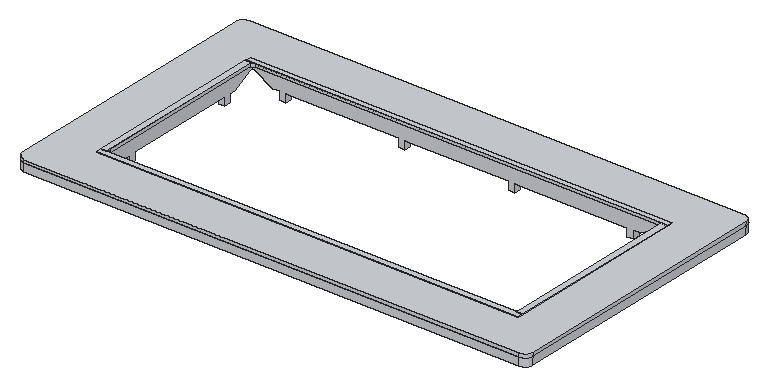
Revit family "Gira_1002225", category Electrical Fixtures, host Face, Revit 2017
Family settings
  Host = Face
  Maintain Annotation Orientation = No
  Round Connector Dimension = Use Diameter
  Part Type = Normal
  Cut with Voids When Loaded = No
  Shared = No
  Room Calculation Point = No
Parameters (values of type "Cov.fr. 2-g w/o cb flat Gira E2 p.white m")
  With mounting grid = "No"
  With hinged lid = "No"
  URL = "http://katalog.gira.de/en/datenblatt.html?artikelnr=1002225"
  Type of fastening = "Clamp mounting"
  Transparent = "No"
  Surface protection = "Other"
  Surface finishing = "Matt"
  Suitable for wall duct = "No"
  Suitable for flush-mounted installation = "Yes"
  Suitable for floor box = "No"
  Suitable for built-in installation = "No"
  Number of units vertical = "2"
  Number of units horizontal = "2"
  Number of units = "2"
  Name = "Cov.fr. 2-g w/o cb flat Gira E2 p.white m"
  Mounting direction = "Horizontal and vertical"
  Material quality = "Thermoplastic"
  Material = "Plastic"
  Manufacturer URL = "https://www.gira.de/"
  Manufacturer = "Gira"
  Label space/information surface = "No"
  Keynote = ""
  HeinzeBIM = "https://bimportal.heinze.de/bim/cov-fr-2-g-w-o-cb-flat-gira-e2-p-white-m/dc12094783352f15eee70e11e213077dbe8a2a28"
  Halogen free = "Yes"
  HAN = "1002225"
  GTIN = "4010337021407"
  Description = "Cov.fr.2g w o cb flat E2 PWm,Gira E2 cover frame for flat installation,pure white matt,2-gang without crossbar,"
  Degree of protection (IP) = "IP20"
  Default Elevation = 1219.2 mm
  Data sheet (1) = "https://katalog.gira.de/en/download.html?artikelnr=1002225"
  Colour = "White"
  Category = "Cover frame for domestic switching devices"
  BIM (1) = "https://media.stage.bim.site/public/gira/36a6b08/E2flach_Rahmen_2fach o.Mittelsteg.rfa?public/gira/36a6b08/E2flach_Rahmen_2fach o.Mittelsteg.rfa"
  Available = "No"
Reference planes
  plane 1 "Center (Front/Back)": y = 0
  plane 2: z = 0
  plane 3 "Center (Left/Right)": x = 0
Forms (mm)
  Extrusion 1, solid, detail levels fine
    sketch origin (0, 0, 0) x (1, 0, 0) y (0, 1, 0)
      loop
        arc (-77, 43.9) -> (-78.768, 43.168) -> (-79.5, 41.4) r 2.5
        line (-79.5, 41.4) -> (-79.5, -41.4)
        arc (-79.5, -41.4) -> (-78.768, -43.168) -> (-77, -43.9) r 2.5
        line (-77, -43.9) -> (77, -43.9)
        arc (77, -43.9) -> (78.768, -43.168) -> (79.5, -41.4) r 2.5
        line (79.5, -41.4) -> (79.5, 41.4)
        arc (79.5, 41.4) -> (78.768, 43.168) -> (77, 43.9) r 2.5
        line (77, 43.9) -> (-77, 43.9)
      loop
        spline (-63.744, -27.245) -> (-63.736, -27.363) -> (-63.713, -27.478) -> (-63.675, -27.589) -> (-63.623, -27.695) -> (-63.558, -27.792) -> (-63.481, -27.881) -> (-63.392, -27.958) -> (-63.295, -28.023) -> (-63.189, -28.075) -> (-63.078, -28.113) -> (-62.963, -28.136) -> (-62.845, -28.144)
        line (-62.845, -28.144) -> (62.845, -28.144)
        spline (62.845, -28.144) -> (62.963, -28.136) -> (63.078, -28.113) -> (63.189, -28.075) -> (63.295, -28.023) -> (63.392, -27.958) -> (63.481, -27.881) -> (63.558, -27.792) -> (63.623, -27.695) -> (63.675, -27.589) -> (63.713, -27.478) -> (63.736, -27.363) -> (63.744, -27.245)
        line (63.744, -27.245) -> (63.744, 27.245)
        spline (63.744, 27.245) -> (63.736, 27.363) -> (63.713, 27.478) -> (63.675, 27.589) -> (63.623, 27.695) -> (63.558, 27.792) -> (63.481, 27.881) -> (63.392, 27.958) -> (63.295, 28.023) -> (63.189, 28.075) -> (63.078, 28.113) -> (62.963, 28.136) -> (62.845, 28.144)
        line (62.845, 28.144) -> (-62.845, 28.144)
        spline (-62.845, 28.144) -> (-62.963, 28.136) -> (-63.078, 28.113) -> (-63.189, 28.075) -> (-63.295, 28.023) -> (-63.392, 27.958) -> (-63.481, 27.881) -> (-63.558, 27.792) -> (-63.623, 27.695) -> (-63.675, 27.589) -> (-63.713, 27.478) -> (-63.736, 27.363) -> (-63.744, 27.245)
        line (-63.744, 27.245) -> (-63.744, -27.245)
    from 2.5 to 3.4
  Extrusion 2, solid, detail levels fine
    sketch origin (0, 0, 0) x (1, 0, 0) y (0, 1, 0)
      loop
        arc (-77, 43.9) -> (-78.768, 43.168) -> (-79.5, 41.4) r 2.5
        line (-79.5, 41.4) -> (-79.5, -41.4)
        arc (-79.5, -41.4) -> (-78.768, -43.168) -> (-77, -43.9) r 2.5
        line (-77, -43.9) -> (77, -43.9)
        arc (77, -43.9) -> (78.768, -43.168) -> (79.5, -41.4) r 2.5
        line (79.5, -41.4) -> (79.5, 41.4)
        arc (79.5, 41.4) -> (78.768, 43.168) -> (77, 43.9) r 2.5
        line (77, 43.9) -> (-77, 43.9)
      loop
        arc (-77, 43.4) -> (-78.414, 42.814) -> (-79, 41.4) r 2
        line (-79, 41.4) -> (-79, -41.4)
        arc (-79, -41.4) -> (-78.414, -42.814) -> (-77, -43.4) r 2
        line (-77, -43.4) -> (77, -43.4)
        arc (77, -43.4) -> (78.414, -42.814) -> (79, -41.4) r 2
        line (79, -41.4) -> (79, 41.4)
        arc (79, 41.4) -> (78.414, 42.814) -> (77, 43.4) r 2
        line (77, 43.4) -> (-77, 43.4)
    from 0 to 2.5
  Extrusion 3, solid, detail levels fine
    sketch origin (35.6, 0, 0) x (0, -1, 0) y (0, 0, -1)
      loop
        line (-17.5, 4.06) -> (-19.5, 4.06) -> (-19.5, 1.56) -> (-21.654, 1.56) -> (-27.214, -1.65) -> (-28.144, -1.65) -> (-28.144, -3.4) -> (28.144, -3.4) -> (28.144, -1.65) -> (27.214, -1.65) -> (21.654, 1.56) -> (19.5, 1.56) -> (19.5, 4.06) -> (17.5, 4.06) -> (17.5, 1.56) -> (-17.5, 1.56) -> (-17.5, 4.06)
    from 28.144 to 30
  Extrusion 4, solid, detail levels fine
    sketch origin (0, 0, 0) x (1, 0, 0) y (0, 0, -1)
      loop
        line (-53.1, 4.06) -> (-55.1, 4.06) -> (-55.1, 1.56) -> (-57.254, 1.56) -> (-62.814, -1.65) -> (-65.6, -1.65) -> (-65.6, -3.4) -> (65.6, -3.4) -> (65.6, -1.65) -> (62.814, -1.65) -> (57.254, 1.56) -> (55.1, 1.56) -> (55.1, 4.06) -> (53.1, 4.06) -> (53.1, 1.56) -> (18.1, 1.56) -> (18.1, 4.042) -> (16.1, 4.042) -> (16.1, 1.542) -> (-16.1, 1.542) -> (-16.1, 4.042) -> (-18.1, 4.042) -> (-18.1, 1.56) -> (-53.1, 1.56) -> (-53.1, 4.06)
    from 28.144 to 30
  Extrusion 5, solid, detail levels coarse
    sketch origin (0, 0, 0) x (1, 0, 0) y (0, 1, 0)
      loop
        line (-79.5, 43.9) -> (-79.5, -43.9) -> (79.5, -43.9) -> (79.5, 43.9) -> (-79.5, 43.9)
    from -4.06 to 3.4
  Extrusion 6, solid, detail levels medium
    sketch origin (0, 0, 0) x (1, 0, 0) y (0, 1, 0)
      loop
        line (-79.5, 43.9) -> (-79.5, -43.9) -> (79.5, -43.9) -> (79.5, 43.9) -> (-79.5, 43.9)
    from 0 to 3.4
  Extrusion 7, solid, detail levels medium
    sketch origin (0, 0, 0) x (1, 0, 0) y (0, 0, -1)
      loop
        line (-53.1, 4.06) -> (-55.1, 4.06) -> (-55.1, 1.56) -> (-65.6, 1.56) -> (-65.6, -3.4) -> (65.6, -3.4) -> (65.6, 1.56) -> (55.1, 1.56) -> (55.1, 4.06) -> (53.1, 4.06) -> (53.1, 1.56) -> (18.1, 1.56) -> (18.1, 4.06) -> (16.1, 4.06) -> (16.1, 1.542) -> (-16.1, 1.542) -> (-16.1, 4.06) -> (-18.1, 4.06) -> (-18.1, 1.56) -> (-53.1, 1.56) -> (-53.1, 4.06)
    from 28.144 to 30
  Extrusion 8, solid, detail levels medium
    sketch origin (35.6, 0, 0) x (0, -1, 0) y (0, 0, -1)
      loop
        line (-17.5, 4.06) -> (-19.5, 4.06) -> (-19.5, 1.56) -> (-28.144, 1.56) -> (-28.144, -3.4) -> (28.144, -3.4) -> (28.144, 1.56) -> (19.5, 1.56) -> (19.5, 4.06) -> (17.5, 4.06) -> (17.5, 1.56) -> (-17.5, 1.56) -> (-17.5, 4.06)
    from 28.144 to 30
  Extrusion 9, solid, detail levels fine
    sketch origin (0, 0, 0) x (1, 0, 0) y (0, 0, 1)
      loop
        line (-53.1, -4.06) -> (-53.1, -1.56) -> (-18.1, -1.56) -> (-18.1, -4.042) -> (-16.1, -4.042) -> (-16.1, -1.542) -> (16.1, -1.542) -> (16.1, -4.042) -> (18.1, -4.042) -> (18.1, -1.56) -> (53.1, -1.56) -> (53.1, -4.06) -> (55.1, -4.06) -> (55.1, -1.56) -> (57.254, -1.56) -> (62.814, 1.65) -> (65.6, 1.65) -> (65.6, 3.4) -> (-65.6, 3.4) -> (-65.6, 1.65) -> (-62.814, 1.65) -> (-57.254, -1.56) -> (-55.1, -1.56) -> (-55.1, -4.06) -> (-53.1, -4.06)
    from 28.144 to 30
  Extrusion 10, solid, detail levels medium
    sketch origin (0, 0, 0) x (1, 0, 0) y (0, 0, 1)
      loop
        line (-53.1, -4.06) -> (-53.1, -1.56) -> (-18.1, -1.56) -> (-18.1, -4.06) -> (-16.1, -4.06) -> (-16.1, -1.542) -> (16.1, -1.542) -> (16.1, -4.06) -> (18.1, -4.06) -> (18.1, -1.56) -> (53.1, -1.56) -> (53.1, -4.06) -> (55.1, -4.06) -> (55.1, -1.56) -> (65.6, -1.56) -> (65.6, 3.4) -> (-65.6, 3.4) -> (-65.6, -1.56) -> (-55.1, -1.56) -> (-55.1, -4.06) -> (-53.1, -4.06)
    from 28.144 to 30
  Extrusion 11, solid, detail levels fine
    sketch origin (-35.6, 0, 0) x (0, -1, 0) y (0, 0, 1)
      loop
        line (-17.5, -4.06) -> (-17.5, -1.56) -> (17.5, -1.56) -> (17.5, -4.06) -> (19.5, -4.06) -> (19.5, -1.56) -> (21.654, -1.56) -> (27.214, 1.65) -> (28.144, 1.65) -> (28.144, 3.4) -> (-28.144, 3.4) -> (-28.144, 1.65) -> (-27.214, 1.65) -> (-21.654, -1.56) -> (-19.5, -1.56) -> (-19.5, -4.06) -> (-17.5, -4.06)
    from 28.144 to 30
  Extrusion 12, solid, detail levels medium
    sketch origin (-35.6, 0, 0) x (0, -1, 0) y (0, 0, 1)
      loop
        line (-17.5, -4.06) -> (-17.5, -1.56) -> (17.5, -1.56) -> (17.5, -4.06) -> (19.5, -4.06) -> (19.5, -1.56) -> (28.144, -1.56) -> (28.144, 3.4) -> (-28.144, 3.4) -> (-28.144, -1.56) -> (-19.5, -1.56) -> (-19.5, -4.06) -> (-17.5, -4.06)
    from 28.144 to 30
Dimensions and locks
  aligned and locked: plane 2 to host face
  aligned and locked: level to host face
